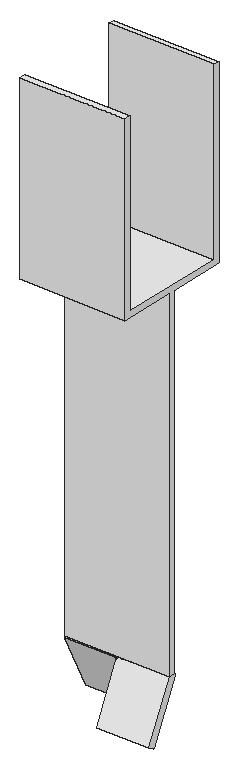
Revit family
Parameters
  Side Width = 90 mm
  Height = 150 mm
  Face Width = 90 mm
  Face Height = 150 mm
  Cast In Depth = 150 mm
Reference planes
  plane 1 "Center (Front/Back)": y = 1.553
  plane 2: z = 0
  plane 3 "Center (Left/Right)": x = 4.364
  plane 4: z = 150
  plane 5: z = 300
  plane 6: x = -40.636
  plane 7: x = 49.364
  plane 8: z = -150
  plane 9: y = 46.553
  plane 10: y = -43.447
Forms (mm)
  Extrusion 1, solid
    sketch origin (4.364, 0, 0) x (0, 1, 0) y (0, 0, 1)
      loop
        line (46.553, 300) -> (46.553, 150) -> (-43.447, 150) -> (-43.447, 300) -> (-48.447, 300) -> (-48.447, 145) -> (-0.947, 145) -> (-0.947, -150) -> (4.053, -150) -> (4.053, 145) -> (51.553, 145) -> (51.553, 300) -> (46.553, 300)
    from 0 to 90
  Extrusion 2, solid
    sketch origin (4.364, 0, 0) x (0, 1, 0) y (0, 0, 1)
      loop
        line (4.088, -150.071) -> (-0.942, -150.071) -> (-0.942, -151.163) -> (21.478, -197.132) -> (25.972, -194.94) -> (4.088, -150.071)
    from 0 to 45
  Extrusion 3, solid
    sketch origin (49.364, 3.337, 0) x (0, -1, 0) y (0, 0, -1)
      loop
        line (4.088, 150.071) -> (25.972, 194.94) -> (21.478, 197.132) -> (-0.942, 151.163) -> (-0.942, 150.071) -> (4.088, 150.071)
    from 0 to 45
Dimensions and locks
  equal spacing: plane 6, plane 3 "Center (Left/Right)", plane 7
  "Face Width": plane 6 to plane 7
  "Height": plane 4 to level
  "Face Height": plane 5 to plane 4
  "Cast In Depth": level to plane 8
  equal spacing: plane 9, plane 1 "Center (Front/Back)", plane 10
  "Side Width": plane 9 to plane 10
  aligned and locked: plane 5 to Extrusion 1 sketch curve
  aligned and locked: Extrusion 1 sketch curve to plane 4
  aligned and locked: plane 10 to Extrusion 1 sketch curve
  aligned and locked: Extrusion 1 sketch curve to plane 5
  aligned and locked: plane 7 to Extrusion 3
Automatic sketch dimensions
  Extrusion 1 sketch curve to plane 5 = 0 mm
  Extrusion 1 sketch curve to plane 8 = 0 mm
  Extrusion 1 sketch curve to plane 9 = 0 mm
  Extrusion 1 sketch curve to plane 10 = 5 mm
  plane 1 "Center (Front/Back)" to Extrusion 1 sketch curve = 2.5 mm
  Extrusion 1 sketch curve to plane 1 "Center (Front/Back)" = 2.5 mm
  plane 9 to Extrusion 1 sketch curve = 5 mm
  plane 4 to Extrusion 1 sketch curve = 5 mm  (x2)
  plane 8 to Extrusion 2 sketch curve = 0.071 mm
  plane 8 to Extrusion 2 sketch curve = 1.163 mm
  plane 1 "Center (Front/Back)" to Extrusion 2 sketch curve = 2.496 mm
  Extrusion 2 sketch curve to plane 1 "Center (Front/Back)" = 19.925 mm
  Extrusion 2 sketch curve to Extrusion 2 sketch curve = 4.494 mm
  Extrusion 2 sketch curve to plane 1 "Center (Front/Back)" = 2.535 mm
  plane 8 to Extrusion 3 sketch curve = 0.071 mm
  Extrusion 3 sketch curve to plane 1 "Center (Front/Back)" = 2.726 mm
  plane 1 "Center (Front/Back)" to Extrusion 3 sketch curve = 2.304 mm
  plane 1 "Center (Front/Back)" to Extrusion 3 sketch curve = 19.694 mm
  Extrusion 3 sketch curve to Extrusion 3 sketch curve = 4.494 mm
  Extrusion 3 sketch curve to Extrusion 3 sketch curve = 1.092 mm
